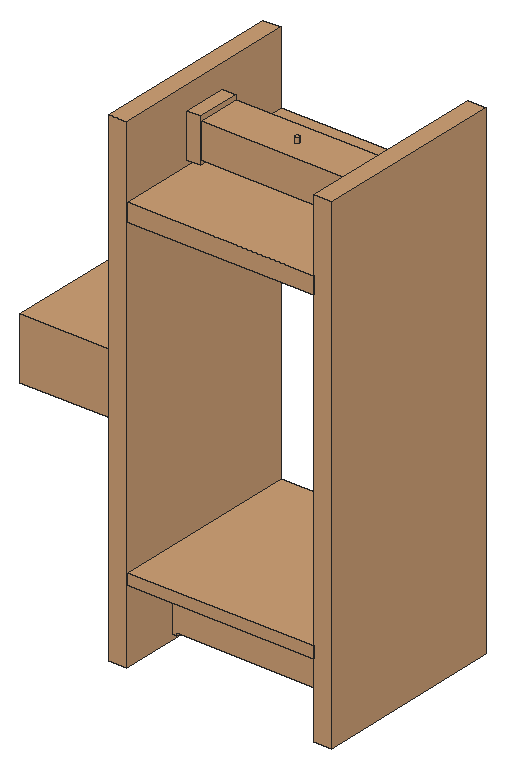
Revit family
Parameters
  Center of Unit = 0' - 0"  # constant formula
  Total Heating Capacity [instance] = 0.0 Btu/h
  Series = "VIFB"
  Outlet Area = 5.36 SF
  Lower Frame Thickness = if(Headers Height = 0' 3", 0' 1 1/4", if(Headers Height = 0' 3 1/4", 0' 1 1/4", 0' 0"))  # 0' - 1 1/4"
  Water Pressure Drop [instance] = 0.00 psi
  Water Flow [instance] = 0 GPM
  Unit Weight (lbs) = 313
  URL = "http://www.ljwing.com/"
  Water Outlet Radius = 0' - 1 1/2"
  Headers Height = if(M = 0' 1", 0' 3", if(M = 0' 1 1/2", 0' 3 1/4", 0' 0"))  # 0' - 3"
  Number of Rows = 2  # constant formula
  Number of Coils [instance] = 0
  Nominal Length = 2' - 1 7/16"
  N = 0' - 7 3/8"
  Model = "VB-2W"
  Manufacturer = "LJ Wing"
  M = 0' - 1"
  Leaving Water Temperature [instance] = 0 °F
  Leaving Air Temperature [instance] = 0 °F
  Entering Water Temperature [instance] = 0 °F
  Entering Air Temperature [instance] = 0 °F
  Description = "Vertical Integral Face & Bypass Water Heating Coils"
  Hot Water Inlet  Radius = 0' - 1 1/2"
  Coil Face Area = Outlet Area * 0.56  # 3.0016 SF
  Casing Material = ""
  Assembly Code = "D3020300"
  Air Vent Radius = 0' - 0 1/4"
  Air Pressure Drop [instance] = 0.00 in-wg
  Air Inlet Width = Nominal Length - 0' 4"  # 1' - 9 7/16"
  Air Inlet Height = Y  # 3' - 0"
  Air Flow [instance] = 0 CFM
  Y = 3' - 0"
  S = 0' - 9 3/4"  # constant formula
  Product URL = "http://www.ljwing.com/html/vifb.asp"
  OmniClass = "23-75 70 21 14"
  Nominal Height = 4' - 8"
  Nominal Depth = 1' - 10"
  R = 0' - 10 1/4"  # constant formula
  Q = 0' - 3 23/32"
Reference planes (in)
  plane 1 "Center (Front/Back)": y = 0
  plane 2: z = -18
  plane 3 "Center (Left/Right)": x = 0
  plane 4: z = 28.25
  plane 5: x = -12.71875
  plane 6: x = 12.71875
  plane 7: z = -27.75
  plane 8: z = 0
  plane 9: y = -11
  plane 10: y = 11
  plane 11: z = 18
  plane 12: z = 20
  plane 13: z = -19.25
  plane 14: x = 10.71875
  plane 15: x = -10.71875
  plane 16: x = -9
  plane 17: x = 9
  plane 18: y = 14.0625
  plane 19: x = -23.71875
  plane 20: z = 25.125
  plane 21: z = 21.125
  plane 22: y = -2.5
  plane 23: y = 2.5
  plane 24: y = -4.5
  plane 25: z = -25.375
  plane 26: x = -5.34375
  plane 27: x = 5.34375
  plane 28: z = -21.375
Forms (in)
  Extrusion 1, solid, material "Painted Finish"
    sketch origin (0, 6, -9.75) x (1, 0, 0) y (0, 0, 1)
      loop
        line (-12.71875, -18) -> (-10.71875, -18) -> (-10.71875, 38) -> (-12.71875, 38) -> (-12.71875, -18)
      loop
        line (12.71875, -18) -> (12.71875, 38) -> (10.71875, 38) -> (10.71875, -18) -> (12.71875, -18)
    from -5 to 17
  Extrusion 2, solid, material "Painted Finish"
    sketch origin (0, 6, 0) x (1, 0, 0) y (0, 0, 1)
      loop
        line (10.71875, -18) -> (-10.71875, -18) -> (-10.71875, -19.25) -> (10.71875, -19.25) -> (10.71875, -18)
      loop
        line (10.71875, 18) -> (10.71875, 20) -> (-10.71875, 20) -> (-10.71875, 18) -> (10.71875, 18)
    from -5 to 17
  Extrusion 3, solid, material "Painted Finish"
    sketch origin (0, 10, -0.5) x (1, 0, 0) y (0, 0, 1)
      loop
        line (-12.71875, 4) -> (-23.71875, 4) -> (-23.71875, -3) -> (-12.71875, -3) -> (-12.71875, 4)
    from 0 to 20
  Extrusion 4, solid, material "Painted Finish"
    sketch origin (0, 6, 0) x (1, 0, 0) y (0, 0, 1)
      loop
        line (-9.09375, 25.125) -> (-9.09375, 21.125) -> (9.09375, 21.125) -> (9.09375, 25.125) -> (-9.09375, 25.125)
    from 3.5 to 8.5
  Extrusion 5, solid, material "Painted Finish"
    sketch origin (0, 0, 0) x (1, 0, 0) y (0, 0, 1)
      loop
        line (-9.09375, 20.625) -> (-9.09375, 25.625) -> (-10.71875, 25.625) -> (-10.71875, 20.625) -> (-9.09375, 20.625)
      loop
        line (10.71875, 20.625) -> (10.71875, 25.625) -> (9.09375, 25.625) -> (9.09375, 20.625) -> (10.71875, 20.625)
    from -2.5 to 2.5
  Extrusion 6, solid, material "Painted Finish"
    sketch origin (0, 6, 0) x (1, 0, 0) y (0, 0, 1)
      loop
        line (-10.21875, -19.875) -> (-10.21875, -19.625) -> (-10.71875, -19.625) -> (-10.71875, -23.125) -> (-10.21875, -23.125) -> (-10.21875, -22.875) -> (10.21875, -22.875) -> (10.21875, -23.125) -> (10.71875, -23.125) -> (10.71875, -19.625) -> (10.21875, -19.625) -> (10.21875, -19.875) -> (-10.21875, -19.875)
      loop
        line (10.21875, -26.875) -> (10.21875, -27.125) -> (10.71875, -27.125) -> (10.71875, -23.625) -> (10.21875, -23.625) -> (10.21875, -23.875) -> (-10.21875, -23.875) -> (-10.21875, -23.625) -> (-10.71875, -23.625) -> (-10.71875, -27.125) -> (-10.21875, -27.125) -> (-10.21875, -26.875) -> (10.21875, -26.875)
    from -5 to 10.5
  Extrusion 7, void
    sketch origin (0, 0, 0) x (1, 0, 0) y (0, 0, 1)
      loop
        line (-10.71875, 18) -> (-10.71875, -18) -> (10.71875, -18) -> (10.71875, 18) -> (-10.71875, 18)
    from -11 to 11
  Extrusion 8, solid, material "Painted Finish"
    sketch origin (0, 0, 0) x (1, 0, 0) y (0, 0, 1)
      loop
        circle (5.34375, -25.375) r 1
      loop
        circle (-5.34375, -21.375) r 1
    from -14.0625 to -11
  Extrusion 9, solid, material "Painted Finish"
    sketch origin (0, 0, 0) x (1, 0, 0) y (0, 1, 0)
      loop
        circle (0, 0) r 0.25
    from 25.125 to 25.625
Cuts and joins
  Extrusion 7 cuts Extrusion 1
  Extrusion 7 cuts Extrusion 2
Dimensions and locks (in)
  "Nominal Length": plane 6 to plane 5
  equal spacing: plane 6, plane 3 "Center (Left/Right)", plane 5
  "S": plane 2 to plane 7
  "Nominal Depth": plane 10 to plane 9
  equal spacing: plane 10, plane 1 "Center (Front/Back)", plane 9
  "Y": plane 11 to plane 2
  "R": plane 4 to plane 11
  locked: plane 12 to plane 11 at 2
  "Lower Frame Thickness": plane 2 to plane 13
  "Q": plane 16 to plane 5
  "Q": plane 6 to plane 17
  locked: plane 18 to plane 10 at 3.0625
  locked: plane 5 to plane 19 at 11
  locked: Extrusion 3 sketch curve to Extrusion 3 sketch curve at 7
  locked: Extrusion 3 to Extrusion 3 at 20
  locked: plane 6 to plane 14 at 2
  locked: plane 15 to plane 5 at 2
  locked: Extrusion 5 sketch curve to plane 20 at 0.5
  locked: plane 21 to Extrusion 5 sketch curve at 0.5
  locked: plane 20 to plane 21 at 4
  locked: plane 23 to plane 22 at 5
  equal spacing: plane 23, plane 1 "Center (Front/Back)", plane 22
  locked: plane 22 to plane 24 at 2
  plane 4 to plane 7 = 4' - 8"
  locked: Extrusion 5 sketch curve to Extrusion 1 at 1.625
  locked: Extrusion 5 sketch curve to Extrusion 5 sketch curve at 1.625
  locked: Extrusion 7 sketch curve to plane 11 at 0
  locked: Extrusion 7 sketch curve to plane 15 at 0
  locked: Extrusion 7 sketch curve to plane 14 at 0
  locked: plane 15 to Extrusion 6 sketch curve at 0.5
  locked: Extrusion 6 sketch curve to Extrusion 6 sketch curve at 0.25  (x2)
  locked: plane 25 to plane 7 at 2.375
  "N": plane 26 to plane 5
  "N": plane 6 to plane 27
  locked: plane 28 to plane 7 at 6.375
  "Headers Height": Extrusion 6 sketch curve to Extrusion 6 sketch curve  (x2)
  locked: Extrusion 8 sketch curve to plane 25 at 0
  locked: Extrusion 8 sketch curve to plane 28 at 0
  locked: Extrusion 9 sketch curve to plane 1 "Center (Front/Back)" at 0
  locked: Extrusion 9 sketch curve to plane 3 "Center (Left/Right)" at 0
  equal spacing: Extrusion 6 sketch curve, plane 28, Extrusion 6 sketch curve
  equal spacing: Extrusion 6 sketch curve, plane 25, Extrusion 6 sketch curve
  locked: plane 4 to plane 20 at 3.125
  locked: Extrusion 7 sketch curve to plane 2 at 0
  equal spacing: plane 11, plane 8, plane 2
  locked: Extrusion 8 sketch curve to plane 27 at 0
  locked: Extrusion 8 sketch curve to plane 26 at 0
  "M": radius of Extrusion 8 sketch curve  (x2)
  "Air Vent Radius": radius of Extrusion 9 sketch curve
  aligned and locked: Extrusion 1 to plane 9
  aligned and locked: Extrusion 1 to plane 10
  aligned and locked: plane 15 to Extrusion 1
  aligned and locked: Extrusion 1 to plane 14
  aligned and locked: plane 9 to Extrusion 2
  aligned and locked: plane 9 to Extrusion 1
  aligned and locked: plane 10 to Extrusion 1  (x2)
  aligned and locked: Extrusion 2 to plane 10
  aligned and locked: plane 10 to Extrusion 2  (x2)
  aligned and locked: Extrusion 2 to plane 9  (x2)
  aligned and locked: plane 5 to Extrusion 3
  aligned and locked: Extrusion 5 sketch curve to plane 15
  aligned and locked: Extrusion 5 sketch curve to Extrusion 4
  aligned and locked: Extrusion 1 to Extrusion 6
  aligned and locked: plane 22 to Extrusion 5
  aligned and locked: Extrusion 5 to Extrusion 4  (x2)
  aligned and locked: Extrusion 5 to plane 23
  aligned and locked: Extrusion 6 to plane 24
  aligned and locked: Extrusion 4 to Extrusion 5  (x2)
  aligned and locked: Extrusion 5 to Extrusion 1  (x2)
  aligned and locked: Extrusion 1 to Extrusion 7  (x2)
  aligned and locked: Extrusion 8 to plane 18
  aligned and locked: Extrusion 8 to plane 10
  aligned and locked: plane 20 to Extrusion 9
  aligned and locked: Extrusion 9 to Extrusion 5
  aligned and locked: plane 2 to cut or joined group of Extrusion 2, Extrusion 7
  aligned and locked: plane 6 to Extrusion 1 sketch curve
  aligned and locked: plane 14 to Extrusion 1 sketch curve
  aligned and locked: Extrusion 1 sketch curve to plane 15
  aligned and locked: Extrusion 1 sketch curve to plane 5
  aligned and locked: Extrusion 1 sketch curve to plane 4  (x2)
  aligned and locked: plane 7 to Extrusion 1 sketch curve  (x2)
  aligned and locked: Extrusion 2 sketch curve to plane 11
  aligned and locked: Extrusion 2 sketch curve to plane 12
  aligned and locked: plane 2 to Extrusion 2 sketch curve
  aligned and locked: Extrusion 2 sketch curve to plane 13
  aligned and locked: Extrusion 2 sketch curve to plane 14  (x2)
  aligned and locked: Extrusion 2 sketch curve to plane 15  (x2)
  aligned and locked: plane 20 to Extrusion 4 sketch curve
  aligned and locked: Extrusion 4 sketch curve to plane 21
  aligned and locked: Extrusion 6 sketch curve to plane 14  (x2)
  aligned and locked: plane 15 to Extrusion 6 sketch curve  (x2)
Automatic sketch dimensions
  Extrusion 3 sketch curve to plane 19 = 0' - 0"
  Extrusion 3 sketch curve to plane 5 = 0' - 0"
  plane 8 to Extrusion 3 sketch curve = 0' - 3 1/2"
  Extrusion 4 sketch curve to plane 16 = 0' - 0 3/32"
  plane 17 to Extrusion 4 sketch curve = 0' - 0 3/32"
  plane 21 to Extrusion 5 sketch curve = 0' - 0 1/2"
  Extrusion 5 sketch curve to plane 20 = 0' - 0 1/2"
  plane 15 to Extrusion 6 sketch curve = 0' - 0 1/2"  (x2)
  Extrusion 6 sketch curve to Extrusion 6 sketch curve = 0' - 0 1/4"  (x5)
  Extrusion 6 sketch curve to Extrusion 6 sketch curve = 0' - 0"  (x2)
  Extrusion 6 sketch curve to plane 14 = 0' - 0 1/2"  (x2)
  Extrusion 6 sketch curve to Extrusion 6 sketch curve = 0' - 0 1/2"
  Extrusion 6 sketch curve to plane 7 = 0' - 0 5/8"
Connectors (in)
  hvac at (0, -11, 0), driven by "Air Inlet Height", driven by "Air Inlet Width", driven by "Air Flow", driven by "Air Pressure Drop"
    settings: on Extrusion 7, index 1
  hvac at (0, 11, 0), driven by "Air Pressure Drop", driven by "Air Inlet Height", driven by "Air Inlet Width", driven by "Air Flow"
    settings: on Extrusion 7, index 2
  piping at (-5.34375, 14.0625, -21.375), driven by "M", driven by "Water Flow", driven by "Water Pressure Drop"
    settings: on Extrusion 8, index 4
  piping at (5.34375, 14.0625, -25.375), driven by "Water Pressure Drop", driven by "Water Flow", driven by "M"
    settings: on Extrusion 8, index 5
